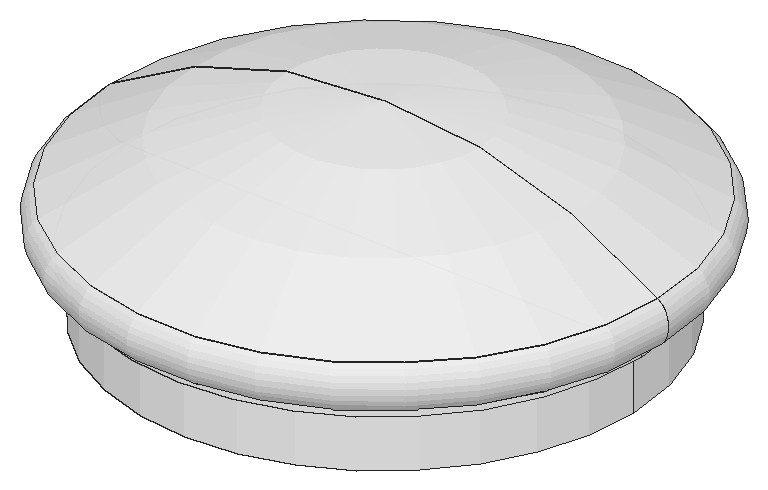
Revit family "3079102 Sylvania_Clio LED_Surface Mounted", category Lighting Fixtures, host Face, Revit 2017
Family settings
  Host = Face
  Round Connector Dimension = Use Diameter
  Part Type = Normal
  OmniClass Number = 23.80.70.11.17
  OmniClass Title = Specialized Lighting by Location or Use
  Cut with Voids When Loaded = No
  Light Source = Yes
  Shared = No
  Room Calculation Point = No
Parameters (values of type "CLIO 320 HO LED 20W WW EB")
  Wattage = 20 W
  built-in parameter 1150110 = 1 (stored number, unit not read)
  Voltage Comments = "UNV (Universal Voltage; 230-240 Volt)"  # constant formula
  Voltage = 230 V  # constant formula
  URL = "http://www.sylvania-lighting.com"
  built-in parameter 1114217 = 1 (stored number, unit not read)
  Tilt Angle = -90.00°
  built-in parameter 1150109 = 1 (stored number, unit not read)
  built-in parameter 1150134 = (empty or 0)
  built-in parameter 1150113 = 1 (stored number, unit not read)
  Radius = 160.00 mm
  Product Page URL = "http://www.sylvania-lighting.com/product/en-int/products/3079102"
  Product Family = "CLIO LED"  # constant formula
  Photometry Comments = ""
  Photometric Web File = "3079101 20W 3000K.ies"
  Life = "40 000h"  # constant formula
  IP Rating = "IP 44"  # constant formula
  IK Rating = "IK 04"  # constant formula
  Height = 108.00 mm
  Electrical Protection = "Class II"  # constant formula
  Drive Current = "300 mA"  # constant formula
  Diameter = Radius * 2  # 320.00 mm
  Difuser Material = Acrylic Glass_Sylvania_Clio LED_White
  built-in parameter 1114216 [instance] = 1 (stored number, unit not read)
  Model = "CLIO 320 HO LED 20W WW EB"
  Manufacturer = "Feilo Sylvania"
  built-in parameter 1150105 = 111.41 (stored number, unit not read)
  Lumens = 1400 lm
  built-in parameter 1150115 = 1 (stored number, unit not read)
  built-in parameter 1150137 = (empty or 0)
  built-in parameter 1150139 = (empty or 0)
  built-in parameter 1150112 = 1 (stored number, unit not read)
  built-in parameter 1150114 = 1 (stored number, unit not read)
  Lamp Comments = "Integrated LED"  # constant formula
  Lamp = "20W"  # constant formula
  built-in parameter 1150132 = 2
  built-in parameter 1150102 = (empty or 0)
  built-in parameter 1150107 = 3000 (stored number, unit not read)
  built-in parameter 1150138 = (empty or 0)
  built-in parameter 1150106 = 1.1141 (stored number, unit not read)
  Body Material = Polycarbonate_Sylvania_Clio LED_White
  built-in parameter 1150104 = 6.5032 (stored number, unit not read)
  Dimming Lamp Color Temperature Shift = <None>
  Description = "Clio LED is a new range of wall and\r\nceiling mounted ambient LED luminaires.\r\nThanks to its IP44 rating, the range can be\r\nused in corridors, circulation spaces and\r\nfoyers or applicable zone 1 bathroom and\r\nwet areas.\r\nClio LED benefits from a simple yet\r\nrobust design. It offers a uniform light\r\ndistribution whilst providing an ambient\r\nhalo lighting effect on the wall surface.\r\nClio LED allows for surface wiring and also\r\nhas loop-in loop-out capability, making it a\r\ncontractor’s first choice."  # constant formula
  Default Elevation = 0.00 mm
  Color Filter = 16777215
  Catalog Number = "3079101 CLIO 320 HO LED 20W WW EB"
  built-in parameter 1140040 [instance] = 1
  built-in parameter 1114218 = 1 (stored number, unit not read)
  built-in parameter 1150133 = 10 (stored number, unit not read)
  Assembly Code = "D5020200"
  Apparent Load Comments = ""
  Apparent Load = 20 VA
Types (2, lengths in mm): name | Wattage | built-in parameter 1150134 | Photometric Web File | Model | built-in parameter 1150105 | Lumens | built-in parameter 1150107 | built-in parameter 1150106 | Catalog Number
  CLIO 320 HO LED 20W WW EB | 20 W | (empty or 0) | "3079101 20W 3000K.ies" | "CLIO 320 HO LED 20W WW EB" | 111.41 (stored number, unit not read) | 1400 lm | 3000 (stored number, unit not read) | 1.1141 (stored number, unit not read) | "3079101 CLIO 320 HO LED 20W WW EB"
  CLIO 320 HO LED 20W NW EB | 21 W | 12 | "3079102_Clio320HOLED4000K-180002.ies" | "CLIO 320 HO LED 20W NW EB" | 116.98 (stored number, unit not read) | 1470 lm | 4000 (stored number, unit not read) | 1.1698 (stored number, unit not read) | "3079102 CLIO 320 HO LED 20W WW EB"
Reference planes
  plane 1 "Center (Front/Back)": y = 0
  plane 2: z = 0
  plane 3 "Center (Left/Right)": x = 0
  plane 4 "Fixture Bottom": z = 108
  plane 5 "Fixture Right": x = 160
  plane 6 "Fixture Left": x = -160
  plane 7: z = 30
  plane 8: z = 35
  plane 9: x = 140
  plane 10: x = 145
  plane 11: x = -140
  plane 12: x = -145
  plane 13: x = 154
  plane 14: x = -154
Forms (mm)
  Revolve 1, solid, material "Polycarbonate_Sylvania_Clio LED_White" <- "Body Material", detail levels fine
    sketch origin (0, 0, 0) x (1, 0, 0) y (0, 0, 1)
      loop
        line (0, 0) -> (140, 0) -> (140, 30) -> (145, 30) -> (145, 35) -> (0, 35) -> (0, 0)
      axis (0, 35) -> (0, 0)
    angle from 0 to 360
  Revolve 2, solid, material "Acrylic Glass_Sylvania_Clio LED_White" <- "Difuser Material", detail levels fine
    sketch origin (0, 0, 0) x (1, 0, 0) y (0, 0, 1)
      loop
        line (0, 35) -> (145, 35)
        arc (145, 35) -> (159.252, 45.278) -> (154, 62.045) r 15.02
        arc (154, 62.045) -> (80.556, 96.941) -> (0, 108) r 265.802
        line (0, 108) -> (0, 35)
      axis (0, 108) -> (0, 35)
    angle from 0 to 360
  Revolve 3, solid, material "Polycarbonate_Sylvania_Clio LED_White" <- "Body Material", detail levels coarse+medium
    sketch origin (0, 0, 0) x (1, 0, 0) y (0, 0, 1)
      loop
        line (0, 108) -> (0, 0) -> (140, 0) -> (140, 30) -> (145, 30) -> (145, 35)
        arc (145, 35) -> (159.235, 45.283) -> (154, 62.045) r 15.028
        arc (154, 62.045) -> (80.556, 96.941) -> (0, 108) r 265.802
      axis (0, 108) -> (0, 0)
    angle from 0 to 360
Dimensions and locks
  "Height": plane 4 "Fixture Bottom" to plane 2
  equal spacing: plane 5 "Fixture Right", plane 3 "Center (Left/Right)", plane 6 "Fixture Left"
  "Diameter": plane 5 "Fixture Right" to plane 6 "Fixture Left"
  plane 8 to plane 7 to plane 2 = 5.00 mm locked, 30.00 mm locked
  locked: plane 5 "Fixture Right" to plane 10 at 15
  locked: plane 5 "Fixture Right" to plane 9 at 20
  locked: plane 5 "Fixture Right" to plane 13 at 6
  locked: plane 11 to plane 6 "Fixture Left" at 20
  locked: plane 12 to plane 6 "Fixture Left" at 15
  locked: plane 14 to plane 6 "Fixture Left" at 6
  aligned and locked: host face to plane 2
  aligned and locked: level to host face
  aligned and locked: plane 3 "Center (Left/Right)" to Revolve 1 sketch curve
  aligned and locked: Revolve 1 sketch curve to plane 2
  aligned and locked: plane 8 to Revolve 1 sketch curve
  aligned and locked: Revolve 1 sketch curve to plane 7
  aligned and locked: Revolve 1 sketch curve to plane 9
  aligned and locked: Revolve 1 sketch curve to plane 10
  aligned and locked: Revolve 2 sketch curve to plane 8
  aligned and locked: Revolve 2 sketch curve to plane 3 "Center (Left/Right)"  (x2)
  aligned and locked: plane 10 to Revolve 2 sketch curve
  aligned and locked: plane 2 to Revolve 3 sketch curve
  aligned and locked: plane 9 to Revolve 3 sketch curve
  aligned and locked: Revolve 3 sketch curve to plane 7
  aligned and locked: plane 10 to Revolve 3 sketch curve
  aligned and locked: Revolve 3 sketch curve to plane 3 "Center (Left/Right)"  (x2)
  aligned and locked: imposter light to plane 3 "Center (Left/Right)"
  aligned and locked: plane 4 "Fixture Bottom" to imposter light
  aligned and locked: plane 13 to Revolve 3 sketch curve
  aligned and locked: plane 8 to Revolve 3 sketch curve
  aligned and locked: plane 4 "Fixture Bottom" to Revolve 3 sketch curve
  aligned and locked: plane 13 to Revolve 2 sketch curve
  aligned and locked: plane 4 "Fixture Bottom" to Revolve 2 sketch curve
Automatic sketch dimensions
  host sketch curve to host sketch curve = 1337.794 mm
  host sketch curve to host sketch curve = 1283.632 mm
  Revolve 1 sketch curve to plane 3 "Center (Left/Right)" = 0.00 mm
  Revolve 1 sketch curve to level = 55.00 mm
  Revolve 1 sketch curve to Revolve 1 sketch curve = 25.00 mm
  plane 3 "Center (Left/Right)" to Revolve 3 sketch curve = 4.551 mm
  plane 10 to Revolve 3 sketch curve = 0.025 mm
  Revolve 3 sketch curve to level = 45.00 mm
  plane 8 to Revolve 3 sketch curve = 15.028 mm
  Revolve 3 sketch curve to Revolve 3 sketch curve = 67.00 mm
  plane 3 "Center (Left/Right)" to Revolve 2 sketch curve = 4.551 mm
  level to Revolve 2 sketch curve = 10.00 mm
  Revolve 2 sketch curve to Revolve 2 sketch curve = 12.025 mm
  Revolve 2 sketch curve to Revolve 2 sketch curve = 42.00 mm
Connectors
  electrical at (0, 0, 0), driven by "Voltage", driven by "Apparent Load"
    settings: on Revolve 1, index 1, voltage 230 V, apparent load 0 VA, apparent load phase1 20 VA, apparent load phase2 0 VA, apparent load phase3 0 VA, power factor 1, load classification "Lighting", number of poles 1, system type 31, power factor state 1, is connector primary yes, connector utility no, sub classification motor no, connector description ""
